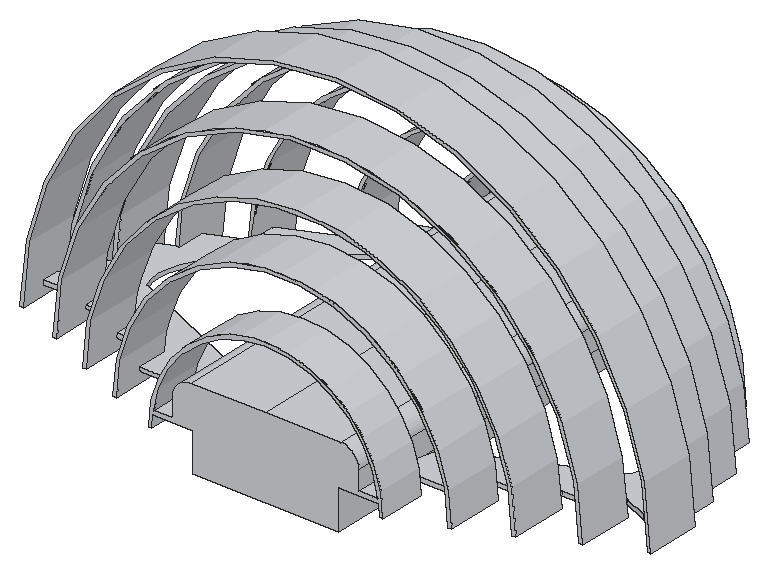
Revit family "Lighting_Wall-Mounted_Zero_PXL_Wall", category Lighting Fixtures, host Face, Revit 2020
Family settings
  Host = Face
  Round Connector Dimension = Use Diameter
  Part Type = Normal
  OmniClass Number = 23.80.70.14
  OmniClass Title = Luminaries for External Lighting
  Cut with Voids When Loaded = No
  Light Source = Yes
  Shared = No
  Room Calculation Point = No
Parameters (values of type "E27/max 20W Galvanized")
  Youtube clip = ""
  Weight Net (Kg) = "2.2"
  Weight = "1.5 kg"
  Wattage = 3.50069 W
  WarrantyStartDate [instance] = "n/a"
  WarrantyGuarantorParts = "n/a"
  WarrantyGuarantorLabor = "n/a"
  WarrantyDurationUnit = "Year"
  WarrantyDurationParts = "n/a"
  WarrantyDurationLabor = "n/a"
  WarrantyDescription = "n/a"
  built-in parameter 1150110 = 1 (stored number, unit not read)
  VersionDate = "31/08/2023"  # constant formula
  Version = "2"  # constant formula
  UsageCurrent = 0 A
  Uniformat II Description = ""
  Uniformat II Code = ""
  Uniclass2015Reference = "Pr_70_70_48_85"
  Uniclass2015Description = "Surface luminaires"
  Uniclass2 = "Pr_70_70_49"
  Uniclass 2015 Name = ""
  Uniclass 2015 Code = ""
  Uniclass 2.0 Description = ""
  Uniclass 2.0 Code = ""
  Uniclass 1.4 Description = ""
  Uniclass 1.4 Code = ""
  URL = "https://www.zerolighting.com/pxl-inomva/"
  UNSPSC Code = ""
  TotalWattage = 8 W
  built-in parameter 1114217 = 1 (stored number, unit not read)
  Tilt Angle = 0.00°
  built-in parameter 1150109 = 1 (stored number, unit not read)
  built-in parameter 1150134 = (empty or 0)
  Technical description = ""
  TagNumber [instance] = "n/a"
  SustainabilityPerformance = "n/a"
  built-in parameter 1150113 = 1 (stored number, unit not read)
  Size = "350x230x190 mm"
  Shape = "Sculptured"
  SerialNumber [instance] = "n/a"
  Revision = "5"  # constant formula
  ReplacementCost = "n/a"
  Region South America = "None"
  Region Oceania = "AU, NZ"
  Region North America = "BZ, CR, GT, HN, MX, NI, PA, SV, US"
  Region Middle East = "AE"
  Region Europe = "AD, AL, AT, AX, BA, BE, BG, BY, CH, CY, CZ, DE, DK, EE, ES, FI, FO, FR, GB, GG, GI, GR, HR, HU, IE, IM, IS, IT, JE, LI, LT, LU, LV, MC, MD, ME, MK, MT, NL, NO, PL, PT, RO, RS, RU, SE, SI, SJ, SK, SM, UA, VA"
  Region Asia = "HK, JP, SG"
  Region Antarctica = "None"
  Region Africa = "None"
  ProductInformation = "n/a"
  Product group = "Wall fixture"
  Product family = "Pxl"
  Product certification = ""
  Product SKU = "Pxl_wall_fixture"
  Product Guid = "2380dd67-cc7f-4325-ad18-acf084a789a7"
  Photometric Web File = "PXL7795-1.IES"
  PhaseReference = "n/a"
  PhaseAngle = 0.00°
  OmniClass Description = ""
  OmniClass Code = ""
  NumberOfSources = 0
  NumberOfPoles = 1
  NominalVoltageCalc = 0 V
  NominalVoltage = 230 V
  NominalLength = 350 mm
  NominalFrequencyRange = 50 Hz
  NominalCurrent = 0 A
  Nominal width = 350 mm
  Nominal height = 290 mm
  Name = "Zero_PXL_Wall"  # constant formula
  NBSReference = "90-60-50/405"
  NBSDescription = "General purpose luminaires"
  NBS Reference Description = ""
  NBS Reference Code = ""
  Model = "PXL wall E27/max 20W Galvanized"
  Material secondary = ""
  Material main = "Steel"
  Masterformat 2014 Description = ""
  Masterformat 2014 Code = ""
  Manufacturer name = "ZERO"
  Manufacturer country = "Sweden"
  Manufacturer = "Zero"
  ModelReference = "n/a"
  ModelNumber = ArticleNumber  # "7773-1-83"
  Material = "Metal"
  ManufacturersSpecificInformation = "n/a"
  ManufacturerURL = "https://www.zerolighting.com/"
  ManufacturerName = "Zero"
  MaintenanceFactor = 0
  built-in parameter 1150105 = 116.79 (stored number, unit not read)
  Lumens = 520 lm
  built-in parameter 1150115 = 1 (stored number, unit not read)
  LightFixturePlacingType = "Wall"
  LightFixtureMountingType = "Surface"
  LightFixtureMainMaterial = Galvanized Metal
  built-in parameter 1150137 = (empty or 0)
  built-in parameter 1150139 = (empty or 0)
  built-in parameter 1150112 = 1 (stored number, unit not read)
  built-in parameter 1150114 = 1 (stored number, unit not read)
  InsulationStandardClass = "n/a"
  InstallationDate [instance] = "n/a"
  Installation instructions = ""
  built-in parameter 1150132 = 2
  built-in parameter 1150102 = (empty or 0)
  built-in parameter 1150107 = 3000 (stored number, unit not read)
  built-in parameter 1150138 = (empty or 0)
  built-in parameter 1150106 = 1.1679 (stored number, unit not read)
  IfcExportType = "NOTDEFINED"  # constant formula
  IfcExportAs = "IfcLightFixtureType"  # constant formula
  IP_Code = "IP44"
  IFC Classification = ""
  HasProtectiveEarth = yes
  Grade = "n/a"
  GTIN code = ""
  Finish = "Painted metal"
  Features = "Snap-in terminal block 3x4mm2. Knockout for external mains cable from above"
  ExpectedLife = "n/a"
  Emit from Rectangle Width = 609.6 mm
  Emit from Rectangle Length = 1219.2 mm
  Emit Shape Visible in Rendering = no
  ElectricalDeviceNominalPower = 0
  built-in parameter 1150104 = 13.8 (stored number, unit not read)
  Edition number = 1
  EANNumber = "n/a"
  DurationUnit = "Year"
  Dimming Lamp Color Temperature Shift = <None>
  Dimming = "None"
  Designer = "Fredrik Mattson"
  Design country = "Sweden"
  Default Elevation = 0 mm
  Date of publishing = ""
  Constituents = "n/a"
  Color Filter = 16777215
  Color = "Metallic"
  Collection = "PXL"
  CodePerformance = "n/a"
  Category = "Wall"
  COBIe Type Category = ""
  Brand url = "http://www.zero.se"
  Brand = "Zero"
  Barcode [instance] = "n/a"
  built-in parameter 1114218 = 1 (stored number, unit not read)
  BIMObjectName = "Lighting_Wall-Mounted_Zero_PXL_Wall"  # constant formula
  Author = "BIMstone"  # constant formula
  built-in parameter 1150133 = 10 (stored number, unit not read)
  AssetType = "Fixed"
  AssetIdentifier [instance] = "n/a"
  ArticleNumber = "7773-1-83"
  AccessibilityPerformance = "n/a"
Types (4, lengths in mm): name | Model | ModelNumber | LightFixtureMainMaterial | Color | ArticleNumber
  LED 8W White | "PXL wall LED 8W White" | "7795-1-01" | White metal | "White" | "7795-1-01"
  E27/max 20W Galvanized | "PXL wall E27/max 20W Galvanized" | "7773-1-83" | Galvanized Metal | "Metallic" | "7773-1-83"
  E27/max 20W White | "PXL wall E27/max 20W White" | "7773-1-01" | White metal | "White" | "7773-1-01"
  LED 8W Galvanized | "PXL wall LED 8W Galvanized" | "7795-1-83" | Galvanized Metal | "Metallic" | "7795-1-83"
Reference planes
  plane 1 "Center (Front/Back)": y = 0
  plane 2: z = 0
  plane 3 "Center (Left/Right)": x = 0
  plane 4: y = 115
  plane 5: y = -115
  plane 6: x = -175
  plane 7: x = 175
  plane 8: z = 190
Forms (mm)
  Extrusion 1, solid, material "Galvanized Metal" <- "LightFixtureMainMaterial", detail levels coarse
    sketch origin (0, 0, 0) x (0, 1, 0) y (0, 0, 1)
      loop
        line (115, 190) -> (-115, 190) -> (-115, 0) -> (115, 0) -> (115, 190)
    from -175 to 175
Dimensions and locks
  equal spacing: plane 4, plane 1 "Center (Front/Back)", plane 5
  plane 4 to plane 5 = 230 mm
  equal spacing: plane 6, plane 3 "Center (Left/Right)", plane 7
  "NominalLength": plane 6 to plane 7
  plane 8 to host face = 190 mm
  aligned and locked: plane 2 to host face
  aligned and locked: level to host face
  aligned and locked: plane 8 to Extrusion 1 sketch curve
  aligned and locked: Extrusion 1 sketch curve to level
  aligned and locked: Extrusion 1 to plane 6
  aligned and locked: plane 7 to Extrusion 1
  aligned and locked: plane 4 to Extrusion 1
  aligned and locked: Extrusion 1 to plane 5
  aligned and locked: Extrusion 1 to host face
Automatic sketch dimensions
  host sketch curve to host sketch curve = 2438.4 mm  (x2)
  plane 5 to Extrusion 1 sketch curve = 0 mm
  Extrusion 1 sketch curve to plane 4 = 0 mm
Nested families
  nested 1: "pxl_out" at (0, 0, 0), type "pxl_out"
    with Main none
Connectors
  electrical at (0, 0, 0), driven by "NominalVoltage"
    settings: on Extrusion 1, index 1, voltage 230 V, apparent load 0 VA, apparent load phase1 0 VA, apparent load phase2 0 VA, apparent load phase3 0 VA, power factor 1, load classification "Other", number of poles 1, system type 31, power factor state 1, is connector primary yes, connector utility no, sub classification motor no, connector description ""
Definition of nested family "pxl_out"
  Parameters (values of type "pxl_out")
    Main [instance] = none
    Default Elevation = 0 mm
  Reference planes
    plane 1 "Center (Front/Back)": y = 0
    plane 2: z = 0
    plane 3 "Center (Left/Right)": x = 0
    plane 4: y = 115
    plane 5: y = -115
    plane 6: x = 175
    plane 7: x = -175
    plane 8: z = 190
  Forms (mm)
    Extrusion 1, solid, material <- "Main", detail levels medium+fine
      sketch origin (0, 0, 0) x (1, 0, 0) y (0, 0, 1)
        loop
          arc (175, 15) -> (0, 190) -> (-175, 15) r 175
          line (-175, 15) -> (-173, 15)
          arc (-173, 15) -> (0, 188) -> (173, 15) r 173
          line (173, 15) -> (175, 15)
      from 36.5 to 66.5
    Extrusion 2, solid, material <- "Main", detail levels medium+fine
      sketch origin (0, 0, 0) x (1, 0, 0) y (0, 0, 1)
        loop
          line (-167.497, 15) -> (-165.497, 15)
          arc (-165.497, 15) -> (0.003, 180.5) -> (165.503, 15) r 165.5
          line (165.503, 15) -> (167.503, 15)
          arc (167.503, 15) -> (0.003, 182.5) -> (-167.497, 15) r 167.5
      from 14.5 to 44.5
    Extrusion 3, solid, material <- "Main", detail levels medium+fine
      sketch origin (0, 0, 0) x (1, 0, 0) y (0, 0, 1)
        loop
          arc (160, 15) -> (0, 175) -> (-160, 15) r 160
          line (-160, 15) -> (-158, 15)
          arc (-158, 15) -> (0, 173) -> (158, 15) r 158
          line (158, 15) -> (160, 15)
      from -11.194 to 22.5
    Extrusion 4, solid, material <- "Main", detail levels medium+fine
      sketch origin (0, 0, 0) x (1, 0, 0) y (0, 0, 1)
        loop
          arc (147, 15) -> (0, 162) -> (-147, 15) r 147
          line (-147, 15) -> (-145, 15)
          arc (-145, 15) -> (0, 160) -> (145, 15) r 145
          line (145, 15) -> (147, 15)
      from -35.878 to -4.99
    Extrusion 5, solid, material <- "Main", detail levels medium+fine
      sketch origin (0, 0, 0) x (1, 0, 0) y (0, 0, 1)
        loop
          line (-126, 15) -> (-124, 15)
          arc (-124, 15) -> (0, 139) -> (124, 15) r 124
          line (124, 15) -> (126, 15)
          arc (126, 15) -> (0, 141) -> (-126, 15) r 126
      from -60.428 to -29.407
    Extrusion 6, solid, material <- "Main", detail levels medium+fine
      sketch origin (0, 0, 0) x (1, 0, 0) y (0, 0, 1)
        loop
          arc (120, 15) -> (0, 135) -> (-120, 15) r 120
          line (-120, 15) -> (-118, 15)
          arc (-118, 15) -> (0, 133) -> (118, 15) r 118
          line (118, 15) -> (120, 15)
      from 59.988 to 91.775
    Extrusion 7, solid, material <- "Main", detail levels medium+fine
      sketch origin (0, -83.883, 0) x (1, 0, 0) y (0, 0, 1)
        loop
          arc (147, 15) -> (0, 162) -> (-147, 15) r 147
          line (-147, 15) -> (-145, 15)
          arc (-145, 15) -> (0, 160) -> (145, 15) r 145
          line (145, 15) -> (147, 15)
      from -35.878 to -4.99
    Extrusion 8, solid, material <- "Main", detail levels medium+fine
      sketch origin (0, 0, 0) x (1, 0, 0) y (0, 0, 1)
        loop
          arc (94, 15) -> (0, 109) -> (-94, 15) r 94
          line (-94, 15) -> (-92, 15)
          arc (-92, 15) -> (0, 107) -> (92, 15) r 92
          line (92, 15) -> (94, 15)
      from -90.347 to -58.279
    Extrusion 9, solid, material <- "Main", detail levels medium+fine
      sketch origin (0, 0, 0) x (1, 0, 0) y (0, 0, 1)
        loop
          arc (65, 15) -> (0, 80) -> (-65, 15) r 65
          line (-65, 15) -> (-63, 15)
          arc (-63, 15) -> (0, 78) -> (63, 15) r 63
          line (63, 15) -> (65, 15)
      from -115 to -88.667
    Extrusion 10, solid, material <- "Main", detail levels medium+fine
      sketch origin (0, -203.667, 0) x (1, 0, 0) y (0, 0, 1)
        loop
          arc (65, 15) -> (0, 80) -> (-65, 15) r 65
          line (-65, 15) -> (-63, 15)
          arc (-63, 15) -> (0, 78) -> (63, 15) r 63
          line (63, 15) -> (65, 15)
      from -115 to -88.667
    Extrusion 11, solid, material <- "Main", detail levels medium+fine
      sketch origin (0, -161.87, 0) x (1, 0, 0) y (0, 0, 1)
        loop
          arc (94, 15) -> (0, 109) -> (-94, 15) r 94
          line (-94, 15) -> (-92, 15)
          arc (-92, 15) -> (0, 107) -> (92, 15) r 92
          line (92, 15) -> (94, 15)
      from -90.347 to -58.279
    Extrusion 12, solid, material <- "Main", detail levels medium+fine
      sketch origin (0, 0, 0) x (1, 0, 0) y (0, 0, 1)
        loop
          arc (51.669, 34.617) -> (48.74, 41.688) -> (41.669, 44.617) r 10
          line (41.669, 44.617) -> (0, 44.617) -> (-41.669, 44.617)
          arc (-41.669, 44.617) -> (-48.74, 41.688) -> (-51.669, 34.617) r 10
          line (-51.669, 34.617) -> (-51.669, 21.7) -> (-40.424, 21.7) -> (-40.424, 0) -> (0, 0) -> (40.424, 0) -> (40.424, 21.7) -> (51.669, 21.7) -> (51.669, 34.617)
      from -100 to 115
    Extrusion 13, solid, material <- "Main", detail levels medium+fine
      sketch origin (0, 0, 0) x (0, 1, 0) y (0, 0, 1)
        loop
          line (51.586, 139) -> (29.407, 139) -> (17.767, 160) -> (4.99, 160) -> (-8.01, 173) -> (-22.5, 173) -> (-30, 180.5) -> (-44.5, 180.5) -> (-45.726, 184.509) -> (-54.646, 184.509) -> (-54.646, 179.509) -> (-49.426, 179.509) -> (-48.2, 175.5) -> (-32.071, 175.5) -> (-24.571, 168) -> (-10.081, 168) -> (2.919, 155) -> (14.821, 155) -> (26.462, 134) -> (51.586, 134) -> (51.586, 139)
      from -1 to 1
    Extrusion 14, solid, material <- "Main", detail levels medium+fine
      sketch origin (0, 0, 0) x (1, 0, 0) y (0, 1, 0)
        loop
          line (0, 100) -> (-63, 100) -> (-63, 88.667) -> (-92, 78.112) -> (-92, 58.279) -> (-124, 44.032) -> (-124, 29.407) -> (-145, 20.057) -> (-145, 4.99) -> (-158, -0.798) -> (-158, -22.5) -> (-164.003, -25.173) -> (-164.003, -44.5) -> (-173, -44.5) -> (-173, -54.5) -> (-161.438, -54.5) -> (-146.849, -48.004) -> (-145, -48.004) -> (-145, -59.988) -> (-120, -59.988) -> (-118, -59.988) -> (-118, -71.523) -> (-92, -71.523) -> (-92, -88.667) -> (-63, -88.667) -> (-63, -115) -> (0, -115) -> (63, -115) -> (63, -88.667) -> (92, -88.667) -> (92, -71.523) -> (118, -71.523) -> (118, -59.988) -> (120, -59.988) -> (145, -59.988) -> (145, -48.004) -> (146.849, -48.004) -> (161.438, -54.5) -> (173, -54.5) -> (173, -44.5) -> (164.003, -44.5) -> (164.003, -25.173) -> (158, -22.5) -> (158, -0.798) -> (145, 4.99) -> (145, 20.057) -> (124, 29.407) -> (124, 44.032) -> (92, 58.279) -> (92, 78.112) -> (63, 88.667) -> (63, 100) -> (0, 100)
        loop
          arc (134.028, -30.031) -> (135.631, -12.752) -> (127.148, 2.385) r 29.201
          line (127.148, 2.385) -> (46.967, 78.329) -> (0, 78.329) -> (-46.967, 78.329) -> (-127.148, 2.385)
          arc (-127.148, 2.385) -> (-135.631, -12.752) -> (-134.028, -30.031) r 29.201
          line (-134.028, -30.031) -> (-56.377, -64.603) -> (-51.669, -82.562) -> (0, -82.562) -> (51.669, -82.562) -> (56.377, -64.603) -> (134.028, -30.031)
      from 21.7 to 24.033
  Cuts and joins
    joined: Extrusion 5, Extrusion 6, Extrusion 8, Extrusion 9, Extrusion 10, Extrusion 11, Extrusion 12, Extrusion 14
  Lines and regions (mm)
    symbolic lines, detail levels medium+fine
      curve 1: line (65, 115, 0) -> (-65, 115, 0)
      curve 2: line (94, 90.347, 0) -> (65, 90.347, 0)
      curve 3: line (126, 60.428, 0) -> (94, 60.428, 0)
      curve 4: line (147, 35.878, 0) -> (126, 35.878, 0)
      curve 5: line (160, 11.194, 0) -> (147, 11.194, 0)
      curve 6: line (167.503, -14.5, 0) -> (160, -14.5, 0)
      curve 7: line (175, -36.5, 0) -> (167.503, -36.5, 0)
      curve 8: line (-175, -66.5, 0) -> (-147, -66.5, 0)
      curve 9: line (-147, -78.893, 0) -> (-120, -78.893, 0)
      curve 10: line (-120, -91.775, 0) -> (-94, -91.775, 0)
      curve 11: line (-94, -103.591, 0) -> (-65, -103.591, 0)
      curve 12: line (-65, -115, 0) -> (65, -115, 0)
      curve 13: line (-65, 115, 0) -> (-65, 90.347, 0)
      curve 14: line (-94, 90.347, 0) -> (-94, 60.428, 0)
      curve 15: line (-126, 60.428, 0) -> (-126, 35.878, 0)
      curve 16: line (-147, 35.878, 0) -> (-147, 11.194, 0)
      curve 17: line (-160, 11.194, 0) -> (-160, -14.5, 0)
      curve 18: line (-167.497, -14.5, 0) -> (-167.497, -36.5, 0)
      curve 19: line (-175, -36.5, 0) -> (-175, -66.5, 0)
      curve 20: line (-147, -66.5, 0) -> (-147, -78.893, 0)
      curve 21: line (-120, -78.893, 0) -> (-120, -91.775, 0)
      curve 22: line (-94, -91.775, 0) -> (-94, -103.591, 0)
      curve 23: line (-65, -103.591, 0) -> (-65, -115, 0)
      curve 24: line (65, 115, 0) -> (65, 90.347, 0)
      curve 25: line (94, 90.347, 0) -> (94, 60.428, 0)
      curve 26: line (126, 60.428, 0) -> (126, 35.878, 0)
      curve 27: line (147, 35.878, 0) -> (147, 11.194, 0)
      curve 28: line (160, 11.194, 0) -> (160, -14.5, 0)
      curve 29: line (167.503, -14.5, 0) -> (167.503, -36.5, 0)
      curve 30: line (175, -36.5, 0) -> (175, -66.5, 0)
      curve 31: line (147, -66.5, 0) -> (147, -78.893, 0)
      curve 32: line (120, -78.893, 0) -> (120, -91.775, 0)
      curve 33: line (94, -91.775, 0) -> (94, -103.591, 0)
      curve 34: line (65, -103.591, 0) -> (65, -115, 0)
      curve 35: line (-65, 90.347, 0) -> (-94, 90.347, 0)
      curve 37: line (-94, 60.428, 0) -> (-126, 60.428, 0)
      curve 39: line (-126, 35.878, 0) -> (-147, 35.878, 0)
      curve 42: line (-147, 11.194, 0) -> (-160, 11.194, 0)
      curve 43: line (-160, -14.5, 0) -> (-167.497, -14.5, 0)
      curve 46: line (147, -66.5, 0) -> (175, -66.5, 0)
      curve 47: line (120, -78.893, 0) -> (147, -78.893, 0)
      curve 50: line (94, -91.775, 0) -> (120, -91.775, 0)
      curve 51: line (65, -103.591, 0) -> (94, -103.591, 0)
      curve 53: line (0, 115, 15) -> (0, 115, 80)
      curve 60: line (0, -66.5, 190) -> (0, -66.5, 162)
      curve 61: line (0, -78.893, 162) -> (0, -78.893, 135)
      curve 62: line (0, -91.775, 135) -> (0, -91.775, 109)
      curve 63: line (0, -103.591, 109) -> (0, -103.591, 80)
      curve 64: line (0, -115, 80) -> (0, -115, 0)
      curve 65: line (0, -115, 0) -> (0, 100, 0)
      curve 66: line (0, 115, 15) -> (0, 100, 15)
      curve 67: line (0, 100, 0) -> (0, 100, 15)
      curve 68: line (0, 115, 80) -> (0, 90.347, 80)
      curve 69: line (0, 90.347, 109) -> (0, 60.428, 109)
      curve 70: line (0, 60.428, 141) -> (0, 35.878, 141)
      curve 71: line (0, 35.878, 162) -> (0, 11.194, 162)
      curve 72: line (0, 11.194, 175) -> (0, -14.5, 175)
      curve 73: line (0, -14.5, 182.5) -> (0, -36.5, 182.5)
      curve 74: line (0, -36.5, 190) -> (0, -66.5, 190)
      curve 75: line (0, -78.893, 162) -> (0, -66.5, 162)
      curve 76: line (0, -91.775, 135) -> (0, -78.893, 135)
      curve 77: line (0, -103.591, 109) -> (0, -91.775, 109)
      curve 78: line (0, -115, 80) -> (0, -103.591, 80)
      curve 79: line (0, 90.347, 80) -> (0, 90.347, 109)
      curve 80: line (0, 60.428, 109) -> (0, 60.428, 141)
      curve 81: line (0, 35.878, 141) -> (0, 35.878, 162)
      curve 82: line (0, 11.194, 162) -> (0, 11.194, 175)
      curve 83: line (0, -14.5, 175) -> (0, -14.5, 182.5)
      curve 84: line (0, -36.5, 182.5) -> (0, -36.5, 190)
      curve 90: arc (175, 0, 15) -> (0, 0, 190) -> (-175, 0, 15) r 175
      curve 91: arc (-173, 0, 15) -> (-172.968, 0, 18.351) -> (-172.87, 0, 21.7) r 173
      curve 92: arc (167.503, 0, 15) -> (167.469, 0, 18.351) -> (167.369, 0, 21.7) r 167.5
      curve 93: arc (-165.497, 0, 15) -> (-165.463, 0, 18.351) -> (-165.362, 0, 21.7) r 165.5
      curve 94: arc (160, 0, 15) -> (159.965, 0, 18.351) -> (159.86, 0, 21.7) r 160
      curve 95: arc (-158, 0, 15) -> (-157.965, 0, 18.351) -> (-157.858, 0, 21.7) r 158
      curve 96: arc (147, 0, 15) -> (146.962, 0, 18.351) -> (146.847, 0, 21.7) r 147
      curve 97: arc (-145, 0, 15) -> (-144.961, 0, 18.351) -> (-144.845, 0, 21.7) r 145
      curve 98: arc (126, 0, 15) -> (125.955, 0, 18.351) -> (125.822, 0, 21.7) r 126
      curve 99: arc (-124, 0, 15) -> (-123.955, 0, 18.351) -> (-123.819, 0, 21.7) r 124
      curve 100: arc (120, 0, 15) -> (119.953, 0, 18.351) -> (119.813, 0, 21.7) r 120
      curve 101: arc (-118, 0, 15) -> (-117.952, 0, 18.351) -> (-117.81, 0, 21.7) r 118
      curve 102: arc (94, 0, 15) -> (93.94, 0, 18.352) -> (93.761, 0, 21.7) r 94
      curve 103: arc (-92, 0, 15) -> (-91.939, 0, 18.352) -> (-91.756, 0, 21.7) r 92
      curve 104: arc (65, 0, 15) -> (64.913, 0, 18.355) -> (64.654, 0, 21.7) r 65
      curve 105: arc (-63, 0, 15) -> (-62.911, 0, 18.355) -> (-62.643, 0, 21.7) r 63
      curve 107: line (-172.87, 0, 21.7) -> (-167.363, 0, 21.7)
      curve 111: line (-40.424, 0, 21.7) -> (-40.424, 0, 0)
      curve 112: line (-40.424, 0, 0) -> (0, 0, 0)
      curve 113: line (0, 0, 0) -> (40.424, 0, 0)
      curve 114: line (40.424, 0, 0) -> (40.424, 0, 21.7)
      curve 118: line (-175, 0, 15) -> (-173, 0, 15)
      curve 119: line (-167.497, 0, 15) -> (-165.497, 0, 15)
      curve 120: line (-160, 0, 15) -> (-158, 0, 15)
      curve 121: line (-147, 0, 15) -> (-145, 0, 15)
      curve 122: line (-126, 0, 15) -> (-124, 0, 15)
      curve 123: line (-120, 0, 15) -> (-118, 0, 15)
      curve 124: line (-94, 0, 15) -> (-92, 0, 15)
      curve 125: line (-65, 0, 15) -> (-63, 0, 15)
      curve 126: line (63, 0, 15) -> (65, 0, 15)
      curve 127: line (92, 0, 15) -> (94, 0, 15)
      curve 128: line (118, 0, 15) -> (120, 0, 15)
      curve 129: line (124, 0, 15) -> (126, 0, 15)
      curve 130: line (145, 0, 15) -> (147, 0, 15)
      curve 131: line (158, 0, 15) -> (160, 0, 15)
      curve 132: line (165.503, 0, 15) -> (167.503, 0, 15)
      curve 133: line (173, 0, 15) -> (175, 0, 15)
      curve 135: line (-165.362, 0, 21.7) -> (-159.86, 0, 21.7)
      curve 137: line (-157.858, 0, 21.7) -> (-146.847, 0, 21.7)
      curve 139: line (-144.845, 0, 21.7) -> (-125.822, 0, 21.7)
      curve 141: line (-123.819, 0, 21.7) -> (-119.813, 0, 21.7)
      curve 143: line (-117.81, 0, 21.7) -> (-93.761, 0, 21.7)
      curve 145: line (-91.756, 0, 21.7) -> (-64.654, 0, 21.7)
      curve 147: line (-62.643, 0, 21.7) -> (-51.669, 0, 21.7)
      curve 149: line (-51.669, 0, 21.7) -> (-40.424, 0, 21.7)
      curve 155: line (167.369, 0, 21.7) -> (172.87, 0, 21.7)
      curve 156: line (159.86, 0, 21.7) -> (165.367, 0, 21.7)
      curve 158: line (146.847, 0, 21.7) -> (157.858, 0, 21.7)
      curve 160: line (125.822, 0, 21.7) -> (144.845, 0, 21.7)
      curve 162: line (119.813, 0, 21.7) -> (123.819, 0, 21.7)
      curve 164: line (93.761, 0, 21.7) -> (117.81, 0, 21.7)
      curve 166: line (64.654, 0, 21.7) -> (91.756, 0, 21.7)
      curve 169: arc (-167.363, 0, 21.7) -> (-167.464, 0, 18.351) -> (-167.497, 0, 15) r 167.5
      curve 171: arc (-159.86, 0, 21.7) -> (-159.965, 0, 18.351) -> (-160, 0, 15) r 160
      curve 173: arc (-146.847, 0, 21.7) -> (-146.962, 0, 18.351) -> (-147, 0, 15) r 147
      curve 175: arc (-125.822, 0, 21.7) -> (-125.955, 0, 18.351) -> (-126, 0, 15) r 126
      curve 177: arc (-119.813, 0, 21.7) -> (-119.953, 0, 18.351) -> (-120, 0, 15) r 120
      curve 179: arc (-93.761, 0, 21.7) -> (-93.94, 0, 18.352) -> (-94, 0, 15) r 94
      curve 181: arc (-64.654, 0, 21.7) -> (-64.913, 0, 18.355) -> (-65, 0, 15) r 65
      curve 183: arc (62.643, 0, 21.7) -> (62.911, 0, 18.355) -> (63, 0, 15) r 63
      curve 185: arc (91.756, 0, 21.7) -> (91.939, 0, 18.352) -> (92, 0, 15) r 92
      curve 187: arc (117.81, 0, 21.7) -> (117.952, 0, 18.351) -> (118, 0, 15) r 118
      curve 189: arc (123.819, 0, 21.7) -> (123.955, 0, 18.351) -> (124, 0, 15) r 124
      curve 191: arc (144.845, 0, 21.7) -> (144.961, 0, 18.351) -> (145, 0, 15) r 145
      curve 193: arc (157.858, 0, 21.7) -> (157.964, 0, 18.351) -> (158, 0, 15) r 158
      curve 195: arc (165.367, 0, 21.7) -> (165.469, 0, 18.351) -> (165.503, 0, 15) r 165.5
      curve 197: arc (172.87, 0, 21.7) -> (172.968, 0, 18.351) -> (173, 0, 15) r 173
      curve 198: line (40.424, 0, 21.7) -> (62.643, 0, 21.7)
      curve 199: line (-167.497, -36.5, 0) -> (-175, -36.5, 0)
    symbolic lines, detail levels fine
      curve 36: line (65, 90.347, 0) -> (-65, 90.347, 0)
      curve 38: line (94, 60.428, 0) -> (-94, 60.428, 0)
      curve 40: line (126, 35.878, 0) -> (-126, 35.878, 0)
      curve 41: line (147, 11.194, 0) -> (-147, 11.194, 0)
      curve 44: line (160, -14.5, 0) -> (-160, -14.5, 0)
      curve 45: line (-147, -66.5, 0) -> (147, -66.5, 0)
      curve 48: line (-120, -78.893, 0) -> (120, -78.893, 0)
      curve 49: line (-94, -91.775, 0) -> (94, -91.775, 0)
      curve 52: line (-65, -103.591, 0) -> (65, -103.591, 0)
      curve 54: line (0, 90.347, 15) -> (0, 90.347, 80)
      curve 55: line (0, 60.428, 15) -> (0, 60.428, 109)
      curve 56: line (0, 35.878, 15) -> (0, 35.878, 141)
      curve 57: line (0, 11.194, 15) -> (0, 11.194, 162)
      curve 58: line (0, -14.5, 15) -> (0, -14.5, 175)
      curve 59: line (0, -36.5, 15) -> (0, -36.5, 182.5)
      curve 85: line (0, -66.5, 162) -> (0, -66.5, 15)
      curve 86: line (0, -78.893, 135) -> (0, -78.893, 15)
      curve 87: line (0, -91.775, 109) -> (0, -91.775, 15)
      curve 88: line (0, -103.591, 80) -> (0, -103.591, 15)
      curve 89: line (0, 100, 15) -> (0, -115, 15)
      curve 106: line (172.764, 0, 24.033) -> (167.259, 0, 24.033)
      curve 108: line (0, 0, 44.617) -> (-41.669, 0, 44.617)
      curve 109: arc (-41.669, 0, 44.617) -> (-48.74, 0, 41.688) -> (-51.669, 0, 34.617) r 10
      curve 110: line (-51.669, 0, 34.617) -> (-51.669, 0, 24.033)
      curve 115: line (41.669, 0, 44.617) -> (0, 0, 44.617)
      curve 116: arc (51.669, 0, 34.617) -> (48.74, 0, 41.688) -> (41.669, 0, 44.617) r 10
      curve 117: line (51.669, 0, 21.7) -> (51.669, 0, 24.033)
      curve 134: line (-167.253, 0, 24.033) -> (-172.764, 0, 24.033)
      curve 136: line (-159.745, 0, 24.033) -> (-165.251, 0, 24.033)
      curve 138: line (-146.722, 0, 24.033) -> (-157.742, 0, 24.033)
      curve 140: line (-125.676, 0, 24.033) -> (-144.718, 0, 24.033)
      curve 142: line (-119.66, 0, 24.033) -> (-123.671, 0, 24.033)
      curve 144: line (-93.565, 0, 24.033) -> (-117.654, 0, 24.033)
      curve 146: line (-64.369, 0, 24.033) -> (-91.555, 0, 24.033)
      curve 148: line (-51.669, 0, 24.033) -> (-51.669, 0, 21.7)
      curve 150: line (-40.424, 0, 21.7) -> (40.424, 0, 21.7)
      curve 151: line (-51.669, 0, 24.033) -> (-62.349, 0, 24.033)
      curve 152: line (51.669, 0, 24.033) -> (51.669, 0, 34.617)
      curve 153: line (165.256, 0, 24.033) -> (159.745, 0, 24.033)
      curve 154: arc (167.259, 0, 24.033) -> (-1.165, 0, 182.496) -> (-167.363, 0, 21.7) r 167.5
      curve 157: line (157.741, 0, 24.033) -> (146.722, 0, 24.033)
      curve 159: line (144.718, 0, 24.033) -> (125.676, 0, 24.033)
      curve 161: line (123.671, 0, 24.033) -> (119.66, 0, 24.033)
      curve 163: line (117.654, 0, 24.033) -> (93.565, 0, 24.033)
      curve 165: line (91.555, 0, 24.033) -> (64.369, 0, 24.033)
      curve 167: line (62.349, 0, 24.033) -> (51.669, 0, 24.033)
      curve 168: arc (-172.87, 0, 21.7) -> (0, 0, 188) -> (172.87, 0, 21.7) r 173
      curve 170: arc (-165.362, 0, 21.7) -> (0.003, 0, 180.5) -> (165.367, 0, 21.7) r 165.5
      curve 172: arc (-157.858, 0, 21.7) -> (0, 0, 173) -> (157.858, 0, 21.7) r 158
      curve 174: arc (-144.845, 0, 21.7) -> (0, 0, 160) -> (144.845, 0, 21.7) r 145
      curve 176: arc (-123.819, 0, 21.7) -> (0, 0, 139) -> (123.819, 0, 21.7) r 124
      curve 178: arc (-117.81, 0, 21.7) -> (0, 0, 133) -> (117.81, 0, 21.7) r 118
      curve 180: arc (-91.756, 0, 21.7) -> (0, 0, 107) -> (91.756, 0, 21.7) r 92
      curve 182: arc (-62.643, 0, 21.7) -> (0, 0, 78) -> (62.643, 0, 21.7) r 63
      curve 184: arc (64.654, 0, 21.7) -> (0, 0, 80) -> (-64.654, 0, 21.7) r 65
      curve 186: arc (93.761, 0, 21.7) -> (0, 0, 109) -> (-93.761, 0, 21.7) r 94
      curve 188: arc (119.813, 0, 21.7) -> (0, 0, 135) -> (-119.813, 0, 21.7) r 120
      curve 190: arc (125.822, 0, 21.7) -> (0, 0, 141) -> (-125.822, 0, 21.7) r 126
      curve 192: arc (146.847, 0, 21.7) -> (0, 0, 162) -> (-146.847, 0, 21.7) r 147
      curve 194: arc (159.86, 0, 21.7) -> (0, 0, 175) -> (-159.86, 0, 21.7) r 160
      curve 196: arc (167.369, 0, 21.7) -> (167.318, 0, 22.867) -> (167.259, 0, 24.033) r 167.5
      curve 200: line (167.503, -36.5, 0) -> (-167.497, -36.5, 0)
  Dimensions and locks
    equal spacing: plane 4, plane 1 "Center (Front/Back)", plane 5
    plane 4 to plane 5 = 230 mm
    equal spacing: plane 7, plane 3 "Center (Left/Right)", plane 6
    plane 7 to plane 6 = 350 mm
    plane 8 to level = 190 mm
    aligned and locked: level to plane 2
    aligned and locked: curve 1 to cut or joined group 1 (Extrusion 5, Extrusion 6, Extrusion 8, Extrusion 9, Extrusion 10, Extrusion 11, Extrusion 12, Extrusion 14)
    aligned and locked: curve 2 to cut or joined group 1
    aligned and locked: curve 3 to cut or joined group 1
    aligned and locked: curve 4 to Extrusion 4
    aligned and locked: curve 5 to Extrusion 3
    aligned and locked: Extrusion 2 to curve 6
    aligned and locked: curve 7 to Extrusion 1
    aligned and locked: curve 8 to Extrusion 1
    aligned and locked: curve 9 to Extrusion 7
    aligned and locked: curve 10 to cut or joined group 1
    aligned and locked: curve 11 to cut or joined group 1
    aligned and locked: curve 12 to cut or joined group 1
    aligned and locked: curve 29 to Extrusion 2
    aligned and locked: curve 53 to cut or joined group 1
    aligned and locked: curve 54 to cut or joined group 1
    aligned and locked: cut or joined group 1 to curve 55
    aligned and locked: Extrusion 4 to curve 56
    aligned and locked: Extrusion 3 to curve 57
    aligned and locked: Extrusion 2 to curve 58
    aligned and locked: Extrusion 1 to curve 59
    aligned and locked: curve 60 to Extrusion 1
    aligned and locked: curve 61 to Extrusion 7
    aligned and locked: curve 62 to cut or joined group 1
    aligned and locked: curve 63 to cut or joined group 1
    aligned and locked: curve 64 to cut or joined group 1
    aligned and locked: curve 65 to cut or joined group 1
    aligned and locked: curve 90 to Extrusion 1
    aligned and locked: curve 91 to Extrusion 1
    aligned and locked: curve 92 to Extrusion 2
    aligned and locked: curve 93 to Extrusion 2
    aligned and locked: curve 94 to Extrusion 3
    aligned and locked: curve 95 to Extrusion 3
    aligned and locked: curve 96 to Extrusion 7
    aligned and locked: curve 97 to Extrusion 7
    aligned and locked: curve 98 to cut or joined group 1
    aligned and locked: curve 99 to cut or joined group 1
    aligned and locked: curve 100 to cut or joined group 1
    aligned and locked: curve 101 to cut or joined group 1
    aligned and locked: curve 102 to cut or joined group 1
    aligned and locked: curve 103 to cut or joined group 1
    aligned and locked: curve 104 to cut or joined group 1
    aligned and locked: curve 105 to cut or joined group 1
    aligned and locked: cut or joined group 1 to curve 106
    aligned and locked: cut or joined group 1 to curve 107
    aligned and locked: curve 108 to cut or joined group 1
    aligned and locked: curve 109 to cut or joined group 1
    aligned and locked: curve 111 to cut or joined group 1
    aligned and locked: curve 112 to cut or joined group 1
    aligned and locked: curve 113 to cut or joined group 1
    aligned and locked: curve 114 to cut or joined group 1
    aligned and locked: curve 116 to cut or joined group 1
    aligned and locked: curve 117 to cut or joined group 1
    aligned and locked: curve 118 to Extrusion 1
    aligned and locked: curve 119 to Extrusion 2
    aligned and locked: curve 120 to Extrusion 3
    aligned and locked: curve 121 to Extrusion 7
    aligned and locked: curve 122 to cut or joined group 1
    aligned and locked: curve 123 to cut or joined group 1
    aligned and locked: curve 124 to cut or joined group 1
    aligned and locked: curve 125 to cut or joined group 1
    aligned and locked: curve 126 to cut or joined group 1
    aligned and locked: curve 127 to cut or joined group 1
    aligned and locked: curve 128 to cut or joined group 1
    aligned and locked: curve 129 to cut or joined group 1
    aligned and locked: curve 130 to Extrusion 7
    aligned and locked: curve 131 to Extrusion 3
    aligned and locked: curve 132 to Extrusion 2
    aligned and locked: curve 133 to Extrusion 1
  Automatic sketch dimensions
    Extrusion 1 sketch curve to Extrusion 1 sketch curve = 0 mm  (x2)
    Extrusion 1 sketch curve to plane 7 = 0 mm
    Extrusion 1 sketch curve to plane 3 "Center (Left/Right)" = 0 mm
    Extrusion 1 sketch curve to Extrusion 1 sketch curve = 2 mm
    level to Extrusion 1 sketch curve = 15 mm  (x2)
    Extrusion 3 sketch curve to Extrusion 3 sketch curve = 0 mm  (x2)
    plane 7 to Extrusion 3 sketch curve = 15 mm
    Extrusion 3 sketch curve to Extrusion 3 sketch curve = 2 mm
    Extrusion 3 sketch curve to plane 3 "Center (Left/Right)" = 0 mm
    level to Extrusion 3 sketch curve = 15 mm
    Extrusion 4 sketch curve to Extrusion 4 sketch curve = 0 mm  (x2)
    Extrusion 4 sketch curve to plane 3 "Center (Left/Right)" = 0 mm
    level to Extrusion 4 sketch curve = 15 mm
    plane 7 to Extrusion 4 sketch curve = 30 mm
    Extrusion 4 sketch curve to Extrusion 4 sketch curve = 2 mm
    Extrusion 5 sketch curve to Extrusion 5 sketch curve = 0 mm  (x2)
    Extrusion 5 sketch curve to plane 3 "Center (Left/Right)" = 0 mm
    level to Extrusion 5 sketch curve = 15 mm
    plane 7 to Extrusion 5 sketch curve = 51 mm
    Extrusion 5 sketch curve to Extrusion 5 sketch curve = 2 mm
    Extrusion 6 sketch curve to Extrusion 6 sketch curve = 0 mm  (x2)
    Extrusion 6 sketch curve to plane 3 "Center (Left/Right)" = 0 mm
    level to Extrusion 6 sketch curve = 15 mm
    plane 7 to Extrusion 6 sketch curve = 57 mm
    Extrusion 6 sketch curve to Extrusion 6 sketch curve = 2 mm
    Extrusion 7 sketch curve to Extrusion 7 sketch curve = 0 mm  (x2)
    Extrusion 7 sketch curve to plane 3 "Center (Left/Right)" = 0 mm
    level to Extrusion 7 sketch curve = 15 mm
    plane 7 to Extrusion 7 sketch curve = 30 mm
    Extrusion 7 sketch curve to Extrusion 7 sketch curve = 2 mm
    Extrusion 8 sketch curve to Extrusion 8 sketch curve = 0 mm  (x2)
    Extrusion 8 sketch curve to plane 3 "Center (Left/Right)" = 0 mm
    level to Extrusion 8 sketch curve = 15 mm
    plane 7 to Extrusion 8 sketch curve = 83 mm
    Extrusion 8 sketch curve to Extrusion 8 sketch curve = 2 mm
    Extrusion 9 sketch curve to Extrusion 9 sketch curve = 0 mm  (x2)
    Extrusion 9 sketch curve to plane 3 "Center (Left/Right)" = 0 mm
    level to Extrusion 9 sketch curve = 15 mm
    Extrusion 9 sketch curve to plane 3 "Center (Left/Right)" = 63 mm
    Extrusion 9 sketch curve to Extrusion 9 sketch curve = 2 mm
    Extrusion 10 sketch curve to Extrusion 10 sketch curve = 0 mm  (x2)
    Extrusion 10 sketch curve to plane 3 "Center (Left/Right)" = 0 mm
    level to Extrusion 10 sketch curve = 15 mm
    Extrusion 10 sketch curve to plane 3 "Center (Left/Right)" = 63 mm
    Extrusion 10 sketch curve to Extrusion 10 sketch curve = 2 mm
    Extrusion 11 sketch curve to Extrusion 11 sketch curve = 0 mm  (x2)
    Extrusion 11 sketch curve to plane 3 "Center (Left/Right)" = 0 mm
    level to Extrusion 11 sketch curve = 15 mm
    plane 7 to Extrusion 11 sketch curve = 83 mm
    Extrusion 11 sketch curve to Extrusion 11 sketch curve = 2 mm
    Extrusion 12 sketch curve to level = 0 mm
    Extrusion 12 sketch curve to plane 3 "Center (Left/Right)" = 0 mm  (x2)
    Extrusion 12 sketch curve to Extrusion 12 sketch curve = 40.424 mm
    Extrusion 12 sketch curve to Extrusion 12 sketch curve = 1.245 mm  (x2)
    Extrusion 12 sketch curve to Extrusion 12 sketch curve = 10 mm  (x2)
    plane 3 "Center (Left/Right)" to Extrusion 12 sketch curve = 40.424 mm
    level to Extrusion 12 sketch curve = 21.7 mm  (x2)
    Extrusion 12 sketch curve to Extrusion 12 sketch curve = 12.917 mm
    Extrusion 13 sketch curve to plane 8 = 10.491 mm
    plane 1 "Center (Front/Back)" to Extrusion 13 sketch curve = 54.646 mm
    Extrusion 13 sketch curve to Extrusion 13 sketch curve = 5.22 mm
    Extrusion 13 sketch curve to plane 8 = 14.5 mm
    Extrusion 13 sketch curve to Extrusion 13 sketch curve = 1.226 mm  (x2)
    Extrusion 13 sketch curve to plane 8 = 5.491 mm
    Extrusion 13 sketch curve to Extrusion 13 sketch curve = 3.7 mm
    Extrusion 13 sketch curve to plane 8 = 9.5 mm
    Extrusion 13 sketch curve to Extrusion 13 sketch curve = 12.429 mm
    Extrusion 13 sketch curve to Extrusion 13 sketch curve = 2.071 mm  (x3)
    Extrusion 13 sketch curve to Extrusion 13 sketch curve = 7.5 mm
    plane 1 "Center (Front/Back)" to Extrusion 13 sketch curve = 10.081 mm
    Extrusion 13 sketch curve to plane 1 "Center (Front/Back)" = 2.919 mm
    Extrusion 13 sketch curve to plane 1 "Center (Front/Back)" = 4.99 mm
    Extrusion 13 sketch curve to Extrusion 13 sketch curve = 9.831 mm
    Extrusion 13 sketch curve to Extrusion 13 sketch curve = 2.945 mm  (x2)
    Extrusion 13 sketch curve to Extrusion 13 sketch curve = 11.64 mm
    Extrusion 13 sketch curve to Extrusion 13 sketch curve = 22.179 mm
    Extrusion 13 sketch curve to Extrusion 13 sketch curve = 2.5 mm
    Extrusion 13 sketch curve to Extrusion 13 sketch curve = 5 mm  (x3)
    Extrusion 13 sketch curve to Extrusion 13 sketch curve = 13 mm
    Extrusion 13 sketch curve to Extrusion 13 sketch curve = 21 mm
    Extrusion 14 sketch curve to plane 5 = 0 mm
    Extrusion 14 sketch curve to plane 3 "Center (Left/Right)" = 0 mm  (x4)
    Extrusion 14 sketch curve to plane 3 "Center (Left/Right)" = 46.967 mm
    Extrusion 14 sketch curve to plane 3 "Center (Left/Right)" = 51.669 mm
    Extrusion 14 sketch curve to Extrusion 14 sketch curve = 4.708 mm  (x2)
    Extrusion 14 sketch curve to Extrusion 14 sketch curve = 16.033 mm  (x2)
    Extrusion 14 sketch curve to Extrusion 14 sketch curve = 11.331 mm  (x2)
    Extrusion 14 sketch curve to Extrusion 14 sketch curve = 29 mm  (x4)
    plane 1 "Center (Front/Back)" to Extrusion 14 sketch curve = 18.816 mm  (x2)
    Extrusion 14 sketch curve to Extrusion 14 sketch curve = 15.067 mm  (x4)
    Extrusion 14 sketch curve to Extrusion 14 sketch curve = 26 mm  (x2)
    Extrusion 14 sketch curve to Extrusion 14 sketch curve = 2 mm  (x2)
    Extrusion 14 sketch curve to Extrusion 14 sketch curve = 32 mm  (x2)
    Extrusion 14 sketch curve to plane 1 "Center (Front/Back)" = 2.385 mm  (x2)
    Extrusion 14 sketch curve to Extrusion 14 sketch curve = 3.148 mm  (x2)
    plane 1 "Center (Front/Back)" to Extrusion 14 sketch curve = 30.031 mm  (x2)
    Extrusion 14 sketch curve to plane 1 "Center (Front/Back)" = 4.99 mm  (x2)
    Extrusion 14 sketch curve to Extrusion 14 sketch curve = 17.852 mm  (x2)
    Extrusion 14 sketch curve to Extrusion 14 sketch curve = 25 mm
    Extrusion 14 sketch curve to Extrusion 14 sketch curve = 1.849 mm  (x2)
    plane 7 to Extrusion 14 sketch curve = 17 mm
    plane 7 to Extrusion 14 sketch curve = 13.562 mm
    Extrusion 14 sketch curve to Extrusion 14 sketch curve = 2.564 mm
    plane 7 to Extrusion 14 sketch curve = 2 mm
    plane 3 "Center (Left/Right)" to Extrusion 14 sketch curve = 46.967 mm
    plane 3 "Center (Left/Right)" to Extrusion 14 sketch curve = 51.669 mm
    Extrusion 14 sketch curve to Extrusion 14 sketch curve = 10.972 mm
    Extrusion 14 sketch curve to plane 6 = 17 mm
    Extrusion 14 sketch curve to plane 6 = 13.562 mm
    Extrusion 14 sketch curve to Extrusion 14 sketch curve = 6.003 mm
    Extrusion 14 sketch curve to plane 6 = 2 mm
    plane 5 to Extrusion 14 sketch curve = 26.333 mm  (x2)
    plane 5 to Extrusion 14 sketch curve = 32.438 mm
    Extrusion 14 sketch curve to Extrusion 14 sketch curve = 17.144 mm  (x2)
    Extrusion 14 sketch curve to Extrusion 14 sketch curve = 17.959 mm  (x2)
    Extrusion 14 sketch curve to Extrusion 14 sketch curve = 11.535 mm  (x2)
    Extrusion 14 sketch curve to Extrusion 14 sketch curve = 5.488 mm  (x2)
    Extrusion 14 sketch curve to Extrusion 14 sketch curve = 11.984 mm  (x2)
    Extrusion 14 sketch curve to Extrusion 14 sketch curve = 10 mm  (x2)
    Extrusion 14 sketch curve to Extrusion 14 sketch curve = 19.327 mm  (x2)
    Extrusion 14 sketch curve to Extrusion 14 sketch curve = 2.673 mm  (x2)
    plane 1 "Center (Front/Back)" to Extrusion 14 sketch curve = 0.798 mm  (x2)
    Extrusion 14 sketch curve to Extrusion 14 sketch curve = 9.35 mm  (x2)
    Extrusion 14 sketch curve to Extrusion 14 sketch curve = 14.625 mm  (x2)
    Extrusion 14 sketch curve to Extrusion 14 sketch curve = 14.247 mm  (x2)
    Extrusion 14 sketch curve to Extrusion 14 sketch curve = 19.833 mm  (x2)
    Extrusion 14 sketch curve to plane 4 = 36.671 mm
    Extrusion 14 sketch curve to Extrusion 14 sketch curve = 10.338 mm  (x2)
    Extrusion 14 sketch curve to Extrusion 14 sketch curve = 11.333 mm
    Extrusion 2 sketch curve to Extrusion 2 sketch curve = 0 mm
    plane 7 to Extrusion 2 sketch curve = 7.503 mm
    Extrusion 2 sketch curve to Extrusion 2 sketch curve = 2 mm
    plane 3 "Center (Left/Right)" to Extrusion 2 sketch curve = 0.003 mm
    level to Extrusion 2 sketch curve = 15 mm
    curve 19 to plane 7 = 0 mm
    curve 23 to plane 5 = 0 mm
    curve 30 to plane 6 = 0 mm
    plane 7 to curve 43 = 7.503 mm
    plane 7 to curve 42 = 15 mm
    curve 17 to curve 39 = 13 mm
    plane 7 to curve 9 = 28 mm
    curve 16 to curve 39 = 21 mm
    curve 9 to curve 10 = 27 mm
    curve 15 to curve 14 = 32 mm
    plane 5 to curve 22 = 11.409 mm
    curve 10 to curve 22 = 26 mm
    curve 14 to curve 13 = 29 mm
    curve 11 to curve 23 = 29 mm
    plane 3 "Center (Left/Right)" to curve 12 = 65 mm
    curve 2 to plane 4 = 24.653 mm
    plane 3 "Center (Left/Right)" to curve 2 = 65 mm
    curve 2 to curve 2 = 29 mm
    curve 34 to curve 51 = 29 mm
    curve 33 to curve 32 = 26 mm
    curve 3 to curve 4 = 32 mm
    curve 32 to curve 31 = 27 mm
    curve 4 to curve 27 = 21 mm
    curve 5 to curve 5 = 13 mm
    plane 5 to curve 21 = 23.225 mm
    curve 50 to curve 47 = 12.882 mm
    curve 47 to curve 30 = 12.393 mm
    curve 8 to curve 199 = 30 mm
    plane 1 "Center (Front/Back)" to curve 17 = 14.5 mm
    curve 17 to plane 1 "Center (Front/Back)" = 11.194 mm
    curve 5 to curve 26 = 24.684 mm
    curve 4 to curve 26 = 24.55 mm
    curve 64 to plane 5 = 0 mm
    curve 60 to plane 8 = 0 mm
    curve 65 to level = 0 mm
    curve 66 to plane 4 = 0 mm
    plane 5 to curve 76 = 23.225 mm
    curve 62 to curve 75 = 12.882 mm
    curve 61 to curve 60 = 12.393 mm
    curve 60 to curve 74 = 30 mm
    plane 1 "Center (Front/Back)" to curve 83 = 14.5 mm
    curve 82 to plane 1 "Center (Front/Back)" = 11.194 mm
    curve 71 to curve 71 = 24.684 mm
    curve 70 to curve 70 = 24.55 mm
    curve 79 to plane 4 = 24.653 mm
    curve 65 to plane 4 = 15 mm
    level to curve 66 = 15 mm
    curve 53 to curve 68 = 65 mm
    curve 68 to curve 69 = 29 mm
    curve 63 to plane 8 = 81 mm
    curve 77 to curve 76 = 26 mm
    curve 69 to curve 80 = 32 mm
    curve 70 to curve 71 = 21 mm
    curve 76 to curve 61 = 27 mm
    curve 71 to curve 72 = 13 mm
    curve 73 to plane 8 = 7.5 mm
    curve 64 to curve 78 = 11.409 mm
    curve 78 to curve 63 = 29 mm
    curve 113 to plane 3 "Center (Left/Right)" = 0 mm
    curve 108 to plane 3 "Center (Left/Right)" = 0 mm
    curve 150 to curve 109 = 12.917 mm
    curve 147 to curve 148 = 2.333 mm
    plane 7 to curve 134 = 2.236 mm
    curve 196 to curve 154 = 0 mm  (x2)
    curve 167 to curve 165 = 2.02 mm
    curve 134 to curve 136 = 2.003 mm
    curve 107 to curve 135 = 2.002 mm
    curve 136 to curve 138 = 2.003 mm
    curve 135 to curve 137 = 2.002 mm
    curve 138 to curve 140 = 2.004 mm
    curve 137 to curve 139 = 2.002 mm
    curve 140 to curve 142 = 2.005 mm
    curve 139 to curve 141 = 2.003 mm
    curve 142 to curve 144 = 2.006 mm
    curve 141 to curve 143 = 2.003 mm
    curve 144 to curve 146 = 2.01 mm
    curve 143 to curve 145 = 2.005 mm
    curve 198 to curve 166 = 2.011 mm
    curve 117 to curve 152 = 2.333 mm
    curve 166 to curve 164 = 2.005 mm
    curve 164 to curve 162 = 2.003 mm
    curve 165 to curve 163 = 2.01 mm
    curve 163 to curve 161 = 2.006 mm
    curve 162 to curve 160 = 2.003 mm
    curve 161 to curve 159 = 2.005 mm
    curve 160 to curve 158 = 2.002 mm
    curve 159 to curve 157 = 2.004 mm
    curve 158 to curve 156 = 2.002 mm
    curve 157 to curve 153 = 2.003 mm
    curve 156 to curve 155 = 2.002 mm
    curve 90 to curve 197 = 0 mm
    curve 196 to curve 169 = 0 mm
    curve 196 to curve 195 = 0 mm
    curve 94 to curve 171 = 0 mm
    curve 94 to curve 193 = 0 mm
    curve 96 to curve 173 = 0 mm
    curve 96 to curve 174 = 0 mm  (x2)
    curve 96 to curve 175 = 0 mm
    curve 96 to curve 189 = 0 mm
    curve 90 to curve 177 = 0 mm
    curve 90 to curve 178 = 0 mm  (x2)
    curve 90 to curve 179 = 0 mm
    curve 90 to curve 180 = 0 mm  (x2)
    curve 90 to curve 181 = 0 mm
    curve 90 to curve 182 = 0 mm  (x2)
    curve 90 to curve 183 = 0 mm
    curve 90 to curve 184 = 0 mm  (x2)
    curve 90 to curve 185 = 0 mm
    curve 90 to curve 186 = 0 mm  (x2)
    curve 90 to curve 187 = 0 mm
    curve 90 to curve 188 = 0 mm  (x2)
    curve 96 to curve 176 = 0 mm  (x2)
    curve 96 to curve 190 = 0 mm  (x2)
    curve 96 to curve 191 = 0 mm
    curve 96 to curve 192 = 0 mm  (x2)
    curve 94 to curve 172 = 0 mm  (x2)
    curve 94 to curve 194 = 0 mm  (x2)
    curve 196 to curve 170 = 0 mm  (x2)
    curve 92 to curve 154 = 0 mm  (x2)
    curve 90 to curve 168 = 0 mm  (x2)
